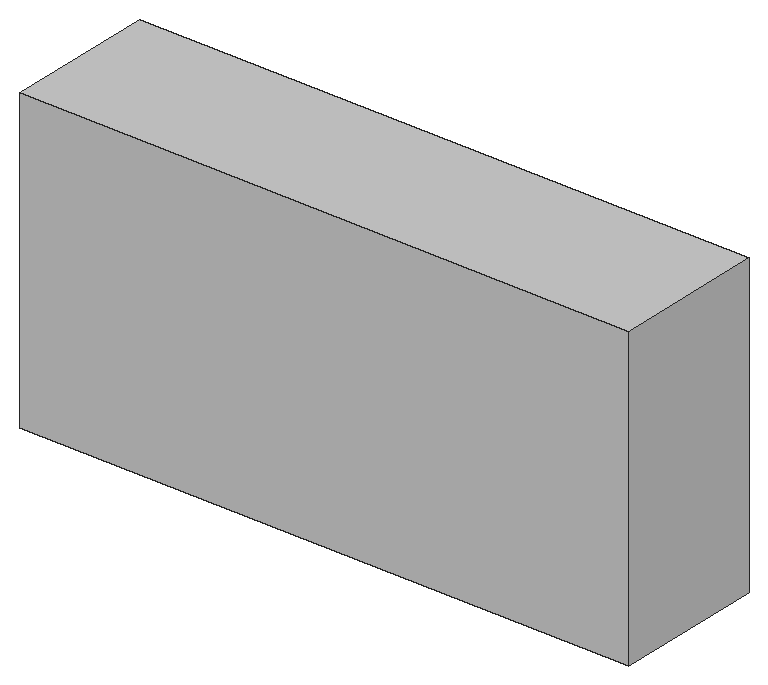
Revit family "混凝土矩形梁", category 结构框架, Revit 2018
Family settings
  显示在隐藏视图中 = 被其他构件隐藏的边缘
  结构框架长度舍入 = 1 mm
  横断面形状 = 未定义
  用于模型行为的材质 = 混凝土
  始终导出为几何图形 = 否
  总是垂直 = 是
  加载时剪切的空心 = 否
  符号表示法 = 从族
  共享 = 否
  在平面视图中显示族的预剪切 = 是
Parameters (values of type "300 x 600mm")
  Structural Material [instance] = 混凝土 - 现场浇注混凝土
  Assembly Code = ""
  Length [instance] = 1524 mm
  宽度 = 300 mm
  高度 = 600 mm
Types (2, lengths in mm): name | Structural Material | 宽度 | 高度
  400 x 800mm | none | 400 | 800
  300 x 600mm | 混凝土 - 现场浇注混凝土 | 300 | 600
Reference planes
  plane 1 "中心(前/后)": y = 0
  plane 2: z = 0
  plane 3 "中心(左/右)": x = 4.61
  plane 4 "左构件": x = -604.99
  plane 5 "右构件": x = 614.21
  plane 6: y = 150
  plane 7: y = -150
  plane 8: z = 300
  plane 9 "底": z = -300
  plane 10 "左": x = -757.39
  plane 11 "右": x = 766.61
Forms (mm)
  Sweep 1, solid, material "混凝土 - 现场浇注混凝土" <- "Structural Material"
    path origin (0, 0, 0) x (1, 0, 0) y (0, 1, 0)
      loop
        line (614.21, 0) -> (-604.99, 0)
    profile "M_矩形梁 - 轮廓 : M_矩形梁 - 轮廓" origin (4.61, 0, 0) x (0, -1, 0) y (0, 0, 1)
      loop
        line (-150, -300) -> (150, -300) -> (150, 300) -> (-150, 300) -> (-150, -300)
Dimensions and locks
  "宽度": plane 6 to plane 7
  equal spacing: plane 9 "底", plane 2, plane 8
  equal spacing: plane 6, plane 1 "中心(前/后)", plane 7
  "高度": plane 9 "底" to plane 8
  "Length": plane 10 "左" to plane 11 "右"
  aligned and locked: Sweep 1 sketch curve to plane 1 "中心(前/后)"
  aligned and locked: plane 4 "左构件" to Sweep 1 sketch curve
  aligned and locked: plane 5 "右构件" to Sweep 1 sketch curve
